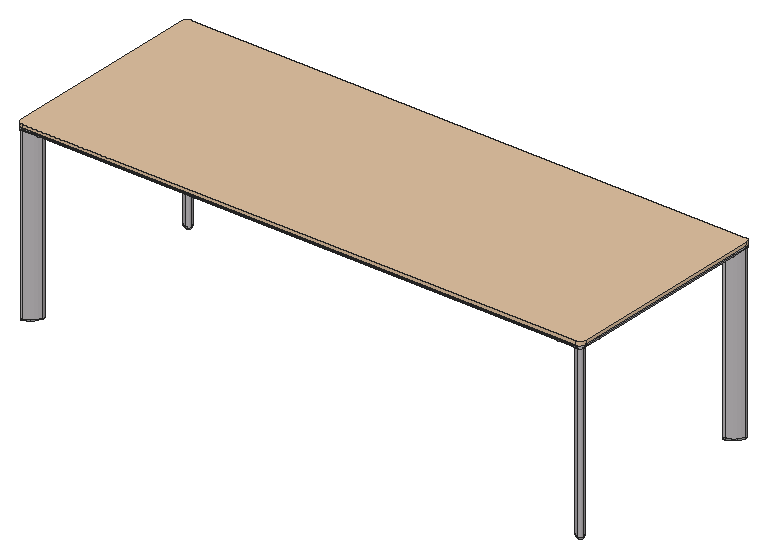
Revit family "FU_Table_Sandler_Laminar 0924", category Furniture, Revit 2020
Family settings
  OmniClass Number = 23.40.20.00
  OmniClass Title = General Furniture and Specialties
  Work Plane-Based = No
  Always vertical = Yes
  Cut with Voids When Loaded = No
  Shared = No
  Room Calculation Point = No
Parameters (values of type "Laminar 0924 (Dining Height)")
  Width = 2400 mm
  URL = "https://www.sandlerseating.com/product/laminar-0924/"
  Top [instance] = Wood - Oak - Natural - V
  Model = "Laminar 0924"
  Manufacturer = "Sandler"
  Height = 750 mm
  Frame [instance] = Epoxy - M2_G42
  Description = "240cm x 90cm / 95″ x 36″ table on epoxy painted frame."
  Depth = 900 mm
  Default Elevation = 0 mm
Types (4, lengths in mm): name | Top | Height | Frame
  (no name) | Wood - Oak - Natural - V | 750 | Epoxy - M2_G42
  Laminar 0924 (Dining Height) | Wood - Oak - Natural - V | 750 | Epoxy - M2_G42
  Laminar 0924 (Counter Height) | Wood - Black Walnut | 900 | Epoxy - M2_V16
  Laminar 0924 (Bar Height) | HPL - Solid - White | 1050 | Epoxy - M1_B00 - Black
Reference planes
  plane 1 "Center (Front/Back)": y = 0
  plane 2: z = 0
  plane 3 "Center (Left/Right)": x = 0
  plane 4 "Right": x = -1200
  plane 5 "Left": x = 1200
  plane 6 "Back": y = 450
  plane 7 "Front": y = -450
  plane 8 "Height": z = 750
  plane 9 "Top Frame Base": z = 737
  plane 10 "Frame Edge Right TOP": x = -1105
  plane 11 "Frame Edge Left TOP": x = 1105
  plane 12 "Frame Edge Front TOP": y = -355
  plane 13 "Frame Edge Back TOP": y = 355
  plane 14 "Right Leg C TOP": x = -1162.984
  plane 15 "Back Leg C TOP": y = 412.984
  plane 16 "Front Leg C TOP": y = -412.984
  plane 17 "Left C TOP": x = 1162.984
  plane 18 "Glide Height": z = 6
  plane 19 "Frame Base FRONT": z = 696.108
Forms (mm)
  Extrusion 1, solid, material "Wood - Oak - Natural - V" <- "Top"
    sketch origin (0, 0, 750) x (-1, 0, 0) y (0, -1, 0)
      loop
        arc (1175, -450) -> (1192.678, -442.678) -> (1200, -425) r 25
        line (1200, -425) -> (1200, 425)
        arc (1200, 425) -> (1192.678, 442.678) -> (1175, 450) r 25
        line (1175, 450) -> (-1175, 450)
        arc (-1175, 450) -> (-1192.678, 442.678) -> (-1200, 425) r 25
        line (-1200, 425) -> (-1200, -425)
        arc (-1200, -425) -> (-1192.678, -442.678) -> (-1175, -450) r 25
        line (-1175, -450) -> (1175, -450)
    from 0 to -13
  Sweep 2, solid, material "Epoxy - M2_G42" <- "Frame"
    path origin (0, 0, 737) x (-1, 0, 0) y (0, -1, 0)
      loop
        line (-1105, 450) -> (1105, 450)
    profile "Pro_Laminar_Frame : Pro_Laminar_Frame" origin (0, -450, 737) x (0, -1, 0) y (0, 0, 1)
      loop
        arc (-78.25, 0) -> (-78.959, -0.294) -> (-79.252, -1.003) r 1.003
        line (-79.252, -1.003) -> (-79.252, -40.038)
        arc (-79.252, -40.038) -> (-78.971, -40.718) -> (-78.29, -41) r 0.962
        line (-78.29, -41) -> (-56.47, -41)
        arc (-56.47, -41) -> (-49.536, -40.019) -> (-43.146, -37.154) r 25
        line (-43.146, -37.154) -> (-3.835, -12.393)
        arc (-3.835, -12.393) -> (-2.123, -10.579) -> (-1.5, -8.162) r 5
        line (-1.5, -8.162) -> (-1.5, -0.534)
        arc (-1.5, -0.534) -> (-1.656, -0.156) -> (-2.034, 0) r 0.534
        line (-2.034, 0) -> (-78.25, 0)
  Sweep 3, solid, material "Epoxy - M2_G42" <- "Frame"
    path origin (0, 0, 737) x (-1, 0, 0) y (0, -1, 0)
      loop
        line (1200, 355) -> (1200, -355)
    profile "Pro_Laminar_Frame : Pro_Laminar_Frame" origin (-1200, 0, 737) x (-1, 0, 0) y (0, 0, 1)
      loop
        arc (-78.25, 0) -> (-78.959, -0.294) -> (-79.252, -1.003) r 1.003
        line (-79.252, -1.003) -> (-79.252, -40.038)
        arc (-79.252, -40.038) -> (-78.971, -40.718) -> (-78.29, -41) r 0.962
        line (-78.29, -41) -> (-56.47, -41)
        arc (-56.47, -41) -> (-49.536, -40.019) -> (-43.146, -37.154) r 25
        line (-43.146, -37.154) -> (-3.835, -12.393)
        arc (-3.835, -12.393) -> (-2.123, -10.579) -> (-1.5, -8.162) r 5
        line (-1.5, -8.162) -> (-1.5, -0.534)
        arc (-1.5, -0.534) -> (-1.656, -0.156) -> (-2.034, 0) r 0.534
        line (-2.034, 0) -> (-78.25, 0)
  Sweep 4, solid, material "Epoxy - M2_G42" <- "Frame"
    path origin (0, 0, 737) x (-1, 0, 0) y (0, -1, 0)
      loop
        line (1105, -450) -> (-1105, -450)
    profile "Pro_Laminar_Frame : Pro_Laminar_Frame" origin (0, 450, 737) x (0, 1, 0) y (0, 0, 1)
      loop
        arc (-78.25, 0) -> (-78.959, -0.294) -> (-79.252, -1.003) r 1.003
        line (-79.252, -1.003) -> (-79.252, -40.038)
        arc (-79.252, -40.038) -> (-78.971, -40.718) -> (-78.29, -41) r 0.962
        line (-78.29, -41) -> (-56.47, -41)
        arc (-56.47, -41) -> (-49.536, -40.019) -> (-43.146, -37.154) r 25
        line (-43.146, -37.154) -> (-3.835, -12.393)
        arc (-3.835, -12.393) -> (-2.123, -10.579) -> (-1.5, -8.162) r 5
        line (-1.5, -8.162) -> (-1.5, -0.534)
        arc (-1.5, -0.534) -> (-1.656, -0.156) -> (-2.034, 0) r 0.534
        line (-2.034, 0) -> (-78.25, 0)
  Sweep 5, solid, material "Epoxy - M2_G42" <- "Frame"
    path origin (0, 0, 737) x (-1, 0, 0) y (0, -1, 0)
      loop
        line (-1200, 355) -> (-1200, -355)
    profile "Pro_Laminar_Frame : Pro_Laminar_Frame" origin (1200, 0, 737) x (-1, 0, 0) y (0, 0, 1)
      loop
        line (78.25, 0) -> (2.034, 0)
        arc (2.034, 0) -> (1.656, -0.156) -> (1.5, -0.534) r 0.534
        line (1.5, -0.534) -> (1.5, -8.162)
        arc (1.5, -8.162) -> (2.123, -10.579) -> (3.835, -12.393) r 5
        line (3.835, -12.393) -> (43.146, -37.154)
        arc (43.146, -37.154) -> (49.536, -40.019) -> (56.47, -41) r 25
        line (56.47, -41) -> (78.29, -41)
        arc (78.29, -41) -> (78.971, -40.718) -> (79.252, -40.038) r 0.962
        line (79.252, -40.038) -> (79.252, -1.003)
        arc (79.252, -1.003) -> (78.959, -0.294) -> (78.25, 0) r 1.003
  Sweep 6, solid, material "Epoxy - M2_G42" <- "Frame"
    path origin (0, 412.984, 0) x (1, 0, 0) y (0, 0, 1)
      loop
        line (-1162.984, 6) -> (-1162.984, 737)
    profile "Pro_Laminar_Leg : Pro_Laminar_Leg" origin (-1162.984, 412.984, 371.5) x (-1, 0, 0) y (0, -1, 0)
      loop
        arc (-16.792, 30.86) -> (-28.302, 28.302) -> (-30.86, 16.792) r 10.982
        arc (-30.86, 16.792) -> (-12.33, -12.33) -> (16.792, -30.86) r 79.547
        arc (16.792, -30.86) -> (28.302, -28.302) -> (30.86, -16.792) r 10.982
        arc (30.86, -16.792) -> (12.33, 12.33) -> (-16.792, 30.86) r 79.547
  Sweep 7, solid, material "Epoxy - M2_G42" <- "Frame"
    path origin (0, -412.984, 0) x (1, 0, 0) y (0, 0, 1)
      loop
        line (-1162.984, 6) -> (-1162.984, 737)
    profile "Pro_Laminar_Leg : Pro_Laminar_Leg" origin (-1162.984, -412.984, 371.5) x (-1, 0, 0) y (0, -1, 0)
      loop
        arc (-30.86, -16.792) -> (-28.302, -28.302) -> (-16.792, -30.86) r 10.982
        arc (-16.792, -30.86) -> (12.33, -12.33) -> (30.86, 16.792) r 79.547
        arc (30.86, 16.792) -> (28.302, 28.302) -> (16.792, 30.86) r 10.982
        arc (16.792, 30.86) -> (-12.33, 12.33) -> (-30.86, -16.792) r 79.547
  Sweep 8, solid, material "Epoxy - M2_G42" <- "Frame"
    path origin (0, -412.984, 0) x (1, 0, 0) y (0, 0, 1)
      loop
        line (1162.984, 6) -> (1162.984, 737)
    profile "Pro_Laminar_Leg : Pro_Laminar_Leg" origin (1162.984, -412.984, 371.5) x (-1, 0, 0) y (0, -1, 0)
      loop
        arc (-16.792, 30.86) -> (-28.302, 28.302) -> (-30.86, 16.792) r 10.982
        arc (-30.86, 16.792) -> (-12.33, -12.33) -> (16.792, -30.86) r 79.547
        arc (16.792, -30.86) -> (28.302, -28.302) -> (30.86, -16.792) r 10.982
        arc (30.86, -16.792) -> (12.33, 12.33) -> (-16.792, 30.86) r 79.547
  Sweep 9, solid, material "Epoxy - M2_G42" <- "Frame"
    path origin (0, 412.984, 0) x (1, 0, 0) y (0, 0, 1)
      loop
        line (1162.984, 6) -> (1162.984, 737)
    profile "Pro_Laminar_Leg : Pro_Laminar_Leg" origin (1162.984, 412.984, 371.5) x (-1, 0, 0) y (0, -1, 0)
      loop
        arc (-30.86, -16.792) -> (-28.302, -28.302) -> (-16.792, -30.86) r 10.982
        arc (-16.792, -30.86) -> (12.33, -12.33) -> (30.86, 16.792) r 79.547
        arc (30.86, 16.792) -> (28.302, 28.302) -> (16.792, 30.86) r 10.982
        arc (16.792, 30.86) -> (-12.33, 12.33) -> (-30.86, -16.792) r 79.547
  Sweep 10, solid, material "Rubber, Black"
    path origin (0, 412.984, 0) x (1, 0, 0) y (0, 0, 1)
      loop
        line (1162.984, 0) -> (1162.984, 6)
    profile "Pro_Laminar_Leg : Pro_Laminar_Leg" origin (1162.984, 412.984, 3) x (-1, 0, 0) y (0, -1, 0)
      loop
        arc (-30.86, -16.792) -> (-28.302, -28.302) -> (-16.792, -30.86) r 10.982
        arc (-16.792, -30.86) -> (12.33, -12.33) -> (30.86, 16.792) r 79.547
        arc (30.86, 16.792) -> (28.302, 28.302) -> (16.792, 30.86) r 10.982
        arc (16.792, 30.86) -> (-12.33, 12.33) -> (-30.86, -16.792) r 79.547
  Sweep 11, solid, material "Rubber, Black"
    path origin (0, 412.984, 0) x (1, 0, 0) y (0, 0, 1)
      loop
        line (-1162.984, 0) -> (-1162.984, 6)
    profile "Pro_Laminar_Leg : Pro_Laminar_Leg" origin (-1162.984, 412.984, 3) x (-1, 0, 0) y (0, -1, 0)
      loop
        arc (-16.792, 30.86) -> (-28.302, 28.302) -> (-30.86, 16.792) r 10.982
        arc (-30.86, 16.792) -> (-12.33, -12.33) -> (16.792, -30.86) r 79.547
        arc (16.792, -30.86) -> (28.302, -28.302) -> (30.86, -16.792) r 10.982
        arc (30.86, -16.792) -> (12.33, 12.33) -> (-16.792, 30.86) r 79.547
  Sweep 12, solid, material "Rubber, Black"
    path origin (0, -412.984, 0) x (1, 0, 0) y (0, 0, 1)
      loop
        line (-1162.984, 0) -> (-1162.984, 6)
    profile "Pro_Laminar_Leg : Pro_Laminar_Leg" origin (-1162.984, -412.984, 3) x (-1, 0, 0) y (0, -1, 0)
      loop
        arc (-30.86, -16.792) -> (-28.302, -28.302) -> (-16.792, -30.86) r 10.982
        arc (-16.792, -30.86) -> (12.33, -12.33) -> (30.86, 16.792) r 79.547
        arc (30.86, 16.792) -> (28.302, 28.302) -> (16.792, 30.86) r 10.982
        arc (16.792, 30.86) -> (-12.33, 12.33) -> (-30.86, -16.792) r 79.547
  Sweep 13, solid, material "Rubber, Black"
    path origin (0, -412.984, 0) x (1, 0, 0) y (0, 0, 1)
      loop
        line (1162.984, 0) -> (1162.984, 6)
    profile "Pro_Laminar_Leg : Pro_Laminar_Leg" origin (1162.984, -412.984, 3) x (-1, 0, 0) y (0, -1, 0)
      loop
        arc (-16.792, 30.86) -> (-28.302, 28.302) -> (-30.86, 16.792) r 10.982
        arc (-30.86, 16.792) -> (-12.33, -12.33) -> (16.792, -30.86) r 79.547
        arc (16.792, -30.86) -> (28.302, -28.302) -> (30.86, -16.792) r 10.982
        arc (30.86, -16.792) -> (12.33, 12.33) -> (-16.792, 30.86) r 79.547
  Sweep 14, solid, material "Epoxy - M2_G42" <- "Frame"
    path origin (0, 0, 737) x (-1, 0, 0) y (0, -1, 0)
      loop
        line (-1105, 448.5) -> (-1198.5, 448.5) -> (-1198.5, 355)
    profile "Pro_Laminar_Frame : Pro_Laminar_Frame" origin (1151.75, -448.5, 737) x (0, 1, 0) y (0, 0, 1)
      loop
        line (76.75, 0) -> (0.534, 0)
        arc (0.534, 0) -> (0.156, -0.156) -> (0, -0.534) r 0.534
        line (0, -0.534) -> (0, -8.162)
        arc (0, -8.162) -> (0.623, -10.579) -> (2.335, -12.393) r 5
        line (2.335, -12.393) -> (41.646, -37.154)
        arc (41.646, -37.154) -> (48.036, -40.019) -> (54.97, -41) r 25
        line (54.97, -41) -> (76.79, -41)
        arc (76.79, -41) -> (77.471, -40.718) -> (77.752, -40.038) r 0.962
        line (77.752, -40.038) -> (77.752, -1.003)
        arc (77.752, -1.003) -> (77.459, -0.294) -> (76.75, 0) r 1.003
  Extrusion 15, void
    sketch origin (0, 0, 737) x (-1, 0, 0) y (0, -1, 0)
      loop
        line (-1174.12, 449.12) -> (-1174.12, 464.12) -> (-1214.12, 464.12) -> (-1214.12, 424.12) -> (-1199.12, 424.12)
        arc (-1199.12, 424.12) -> (-1191.798, 441.798) -> (-1174.12, 449.12) r 25
    from -40.892 to 13
  Sweep 16, solid, material "Epoxy - M2_G42" <- "Frame"
    path origin (0, 0, 737) x (1, 0, 0) y (0, -1, 0)
      loop
        line (-1105, 448.5) -> (-1198.5, 448.5) -> (-1198.5, 355)
    profile "Pro_Laminar_Frame : Pro_Laminar_Frame" origin (-1151.75, -448.5, 737) x (0, -1, 0) y (0, 0, 1)
      loop
        arc (-76.75, 0) -> (-77.459, -0.294) -> (-77.752, -1.003) r 1.003
        line (-77.752, -1.003) -> (-77.752, -40.038)
        arc (-77.752, -40.038) -> (-77.471, -40.718) -> (-76.79, -41) r 0.962
        line (-76.79, -41) -> (-54.97, -41)
        arc (-54.97, -41) -> (-48.036, -40.019) -> (-41.646, -37.154) r 25
        line (-41.646, -37.154) -> (-2.335, -12.393)
        arc (-2.335, -12.393) -> (-0.623, -10.579) -> (0, -8.162) r 5
        line (0, -8.162) -> (0, -0.534)
        arc (0, -0.534) -> (-0.156, -0.156) -> (-0.534, 0) r 0.534
        line (-0.534, 0) -> (-76.75, 0)
  Sweep 17, solid, material "Epoxy - M2_G42" <- "Frame"
    path origin (0, 0, 737) x (1, 0, 0) y (0, 1, 0)
      loop
        line (-1105, 448.5) -> (-1198.5, 448.5) -> (-1198.5, 355)
    profile "Pro_Laminar_Frame : Pro_Laminar_Frame" origin (-1151.75, 448.5, 737) x (0, -1, 0) y (0, 0, 1)
      loop
        line (76.75, 0) -> (0.534, 0)
        arc (0.534, 0) -> (0.156, -0.156) -> (0, -0.534) r 0.534
        line (0, -0.534) -> (0, -8.162)
        arc (0, -8.162) -> (0.623, -10.579) -> (2.335, -12.393) r 5
        line (2.335, -12.393) -> (41.646, -37.154)
        arc (41.646, -37.154) -> (48.036, -40.019) -> (54.97, -41) r 25
        line (54.97, -41) -> (76.79, -41)
        arc (76.79, -41) -> (77.471, -40.718) -> (77.752, -40.038) r 0.962
        line (77.752, -40.038) -> (77.752, -1.003)
        arc (77.752, -1.003) -> (77.459, -0.294) -> (76.75, 0) r 1.003
  Sweep 18, solid, material "Epoxy - M2_G42" <- "Frame"
    path origin (0, 0, 737) x (-1, 0, 0) y (0, 1, 0)
      loop
        line (-1105, 448.5) -> (-1198.5, 448.5) -> (-1198.5, 355)
    profile "Pro_Laminar_Frame : Pro_Laminar_Frame" origin (1151.75, 448.5, 737) x (0, 1, 0) y (0, 0, 1)
      loop
        arc (-76.75, 0) -> (-77.459, -0.294) -> (-77.752, -1.003) r 1.003
        line (-77.752, -1.003) -> (-77.752, -40.038)
        arc (-77.752, -40.038) -> (-77.471, -40.718) -> (-76.79, -41) r 0.962
        line (-76.79, -41) -> (-54.97, -41)
        arc (-54.97, -41) -> (-48.036, -40.019) -> (-41.646, -37.154) r 25
        line (-41.646, -37.154) -> (-2.335, -12.393)
        arc (-2.335, -12.393) -> (-0.623, -10.579) -> (0, -8.162) r 5
        line (0, -8.162) -> (0, -0.534)
        arc (0, -0.534) -> (-0.156, -0.156) -> (-0.534, 0) r 0.534
        line (-0.534, 0) -> (-76.75, 0)
  Extrusion 19, void
    sketch origin (0, 0, 737) x (1, 0, 0) y (0, 1, 0)
      loop
        arc (-1174.12, -449.12) -> (-1191.798, -441.798) -> (-1199.12, -424.12) r 25
        line (-1199.12, -424.12) -> (-1214.12, -424.12) -> (-1214.12, -464.12) -> (-1174.12, -464.12) -> (-1174.12, -449.12)
    from -40.892 to 13
  Extrusion 20, void
    sketch origin (0, 0, 737) x (1, 0, 0) y (0, 1, 0)
      loop
        line (-1174.12, 449.12) -> (-1174.12, 464.12) -> (-1214.12, 464.12) -> (-1214.12, 424.12) -> (-1199.12, 424.12)
        arc (-1199.12, 424.12) -> (-1191.798, 441.798) -> (-1174.12, 449.12) r 25
    from -40.892 to 13
  Extrusion 21, void
    sketch origin (0, 0, 737) x (-1, 0, 0) y (0, -1, 0)
      loop
        arc (-1174.12, -449.12) -> (-1191.798, -441.798) -> (-1199.12, -424.12) r 25
        line (-1199.12, -424.12) -> (-1214.12, -424.12) -> (-1214.12, -464.12) -> (-1174.12, -464.12) -> (-1174.12, -449.12)
    from -40.892 to 13
Cuts and joins
  Extrusion 20 cuts Sweep 17
  Extrusion 21 cuts Sweep 18
  Extrusion 15 cuts Sweep 14
  Extrusion 19 cuts Sweep 16
Dimensions and locks
  equal spacing: plane 4 "Right", plane 3 "Center (Left/Right)", plane 5 "Left"
  "Width": plane 4 "Right" to plane 5 "Left"
  equal spacing: plane 6 "Back", plane 1 "Center (Front/Back)", plane 7 "Front"
  "Depth": plane 6 "Back" to plane 7 "Front"
  "Height": plane 8 "Height" to level
  locked: plane 8 "Height" to plane 9 "Top Frame Base" at 13
  plane 4 "Right" to plane 14 "Right Leg C TOP" to plane 10 "Frame Edge Right TOP" = 37.016 mm locked, 57.984 mm locked
  plane 12 "Frame Edge Front TOP" to plane 16 "Front Leg C TOP" to plane 7 "Front" = 57.984 mm locked, 37.016 mm locked
  plane 6 "Back" to plane 15 "Back Leg C TOP" to plane 13 "Frame Edge Back TOP" = 37.016 mm locked, 57.984 mm locked
  plane 11 "Frame Edge Left TOP" to plane 17 "Left C TOP" to plane 5 "Left" = 57.984 mm locked, 37.016 mm locked
  locked: plane 18 "Glide Height" to plane 2 at 6
  aligned and locked: level to plane 2
  aligned and locked: plane 10 "Frame Edge Right TOP" to Sweep 2 sketch curve
  aligned and locked: plane 11 "Frame Edge Left TOP" to Sweep 2 sketch curve
  aligned and locked: plane 13 "Frame Edge Back TOP" to Sweep 3 sketch curve
  aligned and locked: plane 4 "Right" to Sweep 3 sketch curve
  aligned and locked: plane 10 "Frame Edge Right TOP" to Sweep 4 sketch curve
  aligned and locked: plane 11 "Frame Edge Left TOP" to Sweep 4 sketch curve
  aligned and locked: Sweep 5 sketch curve to plane 13 "Frame Edge Back TOP"
  aligned and locked: plane 12 "Frame Edge Front TOP" to Sweep 5 sketch curve
  aligned and locked: Extrusion 1 sketch curve to plane 4 "Right"
  aligned and locked: Extrusion 1 sketch curve to plane 6 "Back"
  aligned and locked: Extrusion 1 sketch curve to plane 7 "Front"
  aligned and locked: plane 5 "Left" to Extrusion 1 sketch curve
  aligned and locked: plane 9 "Top Frame Base" to Sweep 6 sketch curve
  aligned and locked: plane 18 "Glide Height" to Sweep 6 sketch curve
  aligned and locked: plane 9 "Top Frame Base" to Sweep 7 sketch curve
  aligned and locked: plane 18 "Glide Height" to Sweep 7 sketch curve
  aligned and locked: plane 9 "Top Frame Base" to Sweep 8 sketch curve
  aligned and locked: plane 18 "Glide Height" to Sweep 8 sketch curve
  aligned and locked: plane 9 "Top Frame Base" to Sweep 9 sketch curve
  aligned and locked: plane 18 "Glide Height" to Sweep 9 sketch curve
  aligned and locked: plane 18 "Glide Height" to Sweep 10 sketch curve
  aligned and locked: Sweep 10 sketch curve to plane 2
  aligned and locked: plane 18 "Glide Height" to Sweep 11 sketch curve
  aligned and locked: plane 2 to Sweep 11 sketch curve
  aligned and locked: plane 2 to Sweep 12 sketch curve
  aligned and locked: plane 18 "Glide Height" to Sweep 12 sketch curve
  aligned and locked: Sweep 13 sketch curve to plane 2
  aligned and locked: plane 18 "Glide Height" to Sweep 13 sketch curve
  aligned and locked: Extrusion 15 to plane 19 "Frame Base FRONT"
  aligned and locked: plane 8 "Height" to Extrusion 15
  aligned and locked: Sweep 18 to plane 11 "Frame Edge Left TOP"
  aligned and locked: Sweep 18 to plane 13 "Frame Edge Back TOP"
  aligned and locked: Sweep 14 to plane 12 "Frame Edge Front TOP"
  aligned and locked: Sweep 14 to plane 11 "Frame Edge Left TOP"
  aligned and locked: Sweep 16 to plane 10 "Frame Edge Right TOP"
  aligned and locked: plane 12 "Frame Edge Front TOP" to Sweep 16
  aligned and locked: Sweep 17 to plane 13 "Frame Edge Back TOP"
  aligned and locked: Sweep 17 to plane 10 "Frame Edge Right TOP"
Automatic sketch dimensions
  Extrusion 1 sketch curve to plane 15 "Back Leg C TOP" = 12.016 mm
  Extrusion 1 sketch curve to plane 17 "Left C TOP" = 12.016 mm
  plane 14 "Right Leg C TOP" to Extrusion 1 sketch curve = 12.016 mm  (x2)
  Sweep 2 sketch curve to plane 7 "Front" = 0 mm
  plane 12 "Frame Edge Front TOP" to Sweep 3 sketch curve = 0 mm
  Sweep 4 sketch curve to plane 6 "Back" = 0 mm
  Sweep 5 sketch curve to plane 5 "Left" = 0 mm
  plane 14 "Right Leg C TOP" to Sweep 6 sketch curve = 0 mm
  plane 14 "Right Leg C TOP" to Sweep 7 sketch curve = 0 mm
  plane 17 "Left C TOP" to Sweep 8 sketch curve = 0 mm
  plane 17 "Left C TOP" to Sweep 9 sketch curve = 0 mm
  plane 17 "Left C TOP" to Sweep 10 sketch curve = 0 mm
  plane 14 "Right Leg C TOP" to Sweep 11 sketch curve = 0 mm
  plane 14 "Right Leg C TOP" to Sweep 12 sketch curve = 0 mm
  plane 17 "Left C TOP" to Sweep 13 sketch curve = 0 mm
  plane 12 "Frame Edge Front TOP" to Sweep 14 sketch curve = 0 mm
  Sweep 14 sketch curve to plane 11 "Frame Edge Left TOP" = 0 mm
  plane 5 "Left" to Sweep 14 sketch curve = 1.5 mm
  plane 7 "Front" to Sweep 14 sketch curve = 1.5 mm
  Extrusion 15 sketch curve to plane 5 "Left" = 14.12 mm
  plane 5 "Left" to Extrusion 15 sketch curve = 0.88 mm
  plane 7 "Front" to Extrusion 15 sketch curve = 0.88 mm
  Extrusion 15 sketch curve to plane 17 "Left C TOP" = 11.136 mm
  Extrusion 15 sketch curve to plane 7 "Front" = 14.12 mm
  plane 12 "Frame Edge Front TOP" to Sweep 16 sketch curve = 0 mm
  Sweep 16 sketch curve to plane 10 "Frame Edge Right TOP" = 0 mm
  plane 4 "Right" to Sweep 16 sketch curve = 1.5 mm
  Sweep 16 sketch curve to plane 7 "Front" = 1.5 mm
  Sweep 17 sketch curve to plane 13 "Frame Edge Back TOP" = 0 mm
  Sweep 17 sketch curve to plane 10 "Frame Edge Right TOP" = 0 mm
  Sweep 17 sketch curve to plane 4 "Right" = 1.5 mm
  Sweep 17 sketch curve to plane 6 "Back" = 1.5 mm
  Sweep 18 sketch curve to plane 13 "Frame Edge Back TOP" = 0 mm
  Sweep 18 sketch curve to plane 11 "Frame Edge Left TOP" = 0 mm
  Sweep 18 sketch curve to plane 5 "Left" = 1.5 mm
  plane 6 "Back" to Sweep 18 sketch curve = 1.5 mm
  Extrusion 19 sketch curve to plane 4 "Right" = 14.12 mm
  plane 4 "Right" to Extrusion 19 sketch curve = 0.88 mm
  Extrusion 19 sketch curve to plane 7 "Front" = 0.88 mm
  Extrusion 19 sketch curve to plane 14 "Right Leg C TOP" = 11.136 mm
  plane 7 "Front" to Extrusion 19 sketch curve = 14.12 mm
  plane 4 "Right" to Extrusion 20 sketch curve = 14.12 mm
  Extrusion 20 sketch curve to plane 4 "Right" = 0.88 mm
  Extrusion 20 sketch curve to plane 6 "Back" = 0.88 mm
  plane 14 "Right Leg C TOP" to Extrusion 20 sketch curve = 11.136 mm
  plane 6 "Back" to Extrusion 20 sketch curve = 14.12 mm
  plane 5 "Left" to Extrusion 21 sketch curve = 14.12 mm
  Extrusion 21 sketch curve to plane 5 "Left" = 0.88 mm
  plane 6 "Back" to Extrusion 21 sketch curve = 0.88 mm
  plane 17 "Left C TOP" to Extrusion 21 sketch curve = 11.136 mm
  Extrusion 21 sketch curve to plane 6 "Back" = 14.12 mm
